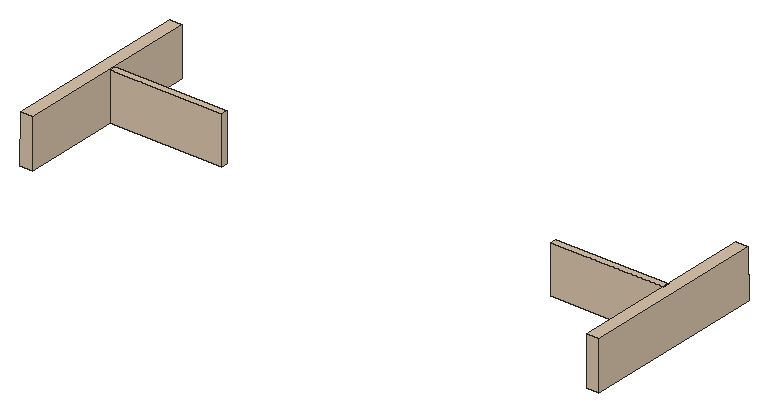
Revit family "Haworth_Masters_Modular_Shell", category Furniture Systems, Revit 2018
Family settings
  Round Connector Dimension = Use Diameter
  Part Type = Normal
  OmniClass Number = 23.40.70.14.64.21
  OmniClass Title = Systems Furniture
  Work Plane-Based = No
  Always vertical = Yes
  Cut with Voids When Loaded = No
  Shared = No
  Room Calculation Point = No
Parameters (values of type "Full Overlay Modesty")
  Worksurface Finish = Haworth _ Wood _ White Oak
  Work Surface = no
  Warranty = "http://www.haworth.com/resources/product-info/warranties"
  URL - Product = "http://www.haworth.com/products/desks/freestanding/masters-series"
  Two High = no
  T-Support Right = yes
  T-Support Left = yes
  T-Support Intermediate = no
  T-Support End Placement = Actual Depth / 2  # 12"
  Sustainability Info = "http://www.haworth.com/company-info/sustainablility"
  Support Height = if(One High, 16 7/16", if(One And A Half High, 21 7/8", 0"))  # 21 7/8"
  Standard Depths = "19,24,30 in."  # constant formula
  Partial Depth Panel = no
  One High Limit = or(Modesty Single, Modesty Double)  # no
  One High = not(or(Two High, One And A Half High, One High Limit))  # no
  One And A Half High = yes
  Modesty Single = no
  Modesty Double = no
  Model = "Haworth - Masters - Modular Shell"  # constant formula
  Width = 72"
  URL = "www.haworth.com"
  Size = "Verify Final Dim. w/ Haworth"  # constant formula
  Revision Number = "2"  # constant formula
  Min. Width = 30"  # constant formula
  Max. Width = 120"  # constant formula
  Min. Depth = 19"  # constant formula
  Max. Depth = 36"  # constant formula
  Manufacturer = "Haworth"  # constant formula
  L-Support Right = no
  L-Support Left = no
  End Panel Right = yes
  End Panel Left = yes
  End Panel Depth = if(Partial Depth Panel, 10 1/8", (Actual Depth - 3/4"))  # 23 1/4"
  Edge Finish = Haworth _ Wood _ White Oak
  Description = "Haworth - Masters - Modular Shell"  # constant formula
  Depth = 24"
  Custom Size = not(and(or(Width = 30", Width = 36", Width = 42", Width = 48", Width = 54", Width = 60", Width = 66", Width = 72", Width = 78", Width = 84", Width = 90", Width = 96", Width = 102", Width = 108", Width = 114", Width = 120"), and(or(Depth = 19", Depth = 24", Depth = 30"))))  # no
  Cabinet Finish = Haworth _ Wood _ White Oak
  Author = "Haworth (Hampton)"  # constant formula
  Assembly Code = "E2020200"
  Actual Width = if(Width < Min. Width, Min. Width, if(Width > Max. Width, Max. Width, Width))  # 72"
  Actual Height = 29 1/8"  # constant formula
  Actual Depth = if(Depth < Min. Depth, Min. Depth, if(Depth > Max. Depth, Max. Depth, Depth))  # 24"
  Standard Widths = "30,36,42,48,54,60,66,72,78,84,90,96,102,108,114,120 in."  # constant formula
Types (5): name | Work Surface | Two High | T-Support Right | T-Support Left | T-Support Intermediate | One High Limit | Modesty Double | L-Support Right | L-Support Left | End Panel Right | End Panel Left
  Surface Only | yes | yes | no | no | no | no | no | no | no | no | no
  Full Overlay Modesty | no | no | yes | yes | no | no | no | no | no | yes | yes
  Hinged Modesty | yes | yes | no | no | yes | yes | yes | yes | yes | yes | yes
  T-Support | yes | yes | yes | yes | no | no | no | no | no | yes | yes
  L-Support | yes | yes | no | no | no | no | no | yes | yes | yes | yes
Reference planes (in)
  plane 1 "Back": y = -10
  plane 2: z = 0
  plane 3 "Center": x = 29.0625
  plane 4 "Top": z = 29.125
  plane 5 "Bottom of Top": z = 27.875
  plane 6 "Front": y = -34
  plane 7 "Left Side": x = -6.9375
  plane 8 "Right Side": x = 65.0625
  plane 9 "Top of Modesty Panel": z = 25.375
  plane 10: y = -10.75
  plane 11 "End Panel Front": y = -34
  plane 12 "L-Support Right Out": x = 63.53125
  plane 13 "L-Support Right In": x = 49.53125
  plane 14 "L-Support Back": y = -12.5
  plane 15 "L-Support Front": y = -13.25
  plane 16: x = 63.53125
  plane 17 "One High Bottom": z = 21.875
  plane 18: y = -22
  plane 19 "L-Support Left In": x = 8.59375
  plane 20: x = -5.40625
  plane 21: x = 24.0625
  plane 22: x = 34.0625
  plane 23: x = 5.59375
  plane 24: x = 27.0625
  plane 25: x = 31.0625
  plane 26: x = 52.53125
  plane 27 "Bottom Of Hinged Modesty": z = 2
  plane 28: x = 28.6875
  plane 29: x = 29.4375
  plane 30: y = -22.25
  plane 31: y = -21.25
  plane 32: y = -14
Forms (in)
  Extrusion 1, solid, material "Haworth _ Wood _ White Oak" <- "Worksurface Finish", visible <- "Work Surface"
    sketch origin (0, 0, 29.125) x (0, 1, 0) y (-1, 0, 0)
      loop
        line (-34, 6.9375) -> (-34, -65.0625) -> (-10, -65.0625) -> (-10, 6.9375) -> (-34, 6.9375)
    from 0 to -1.25
  Extrusion 2, solid, material "Haworth _ Wood _ White Oak" <- "Cabinet Finish", visible <- "Modesty Single"
    sketch origin (0, 0, 0) x (1, 0, 0) y (0, 1, 0)
      loop
        line (-6.9375, -10) -> (-6.9375, -10.75) -> (65.0625, -10.75) -> (65.0625, -10) -> (-6.9375, -10)
    from 0 to 27.875
  Extrusion 3, solid, material "Haworth _ Wood _ White Oak" <- "Cabinet Finish", visible <- "L-Support Right"
    sketch origin (0, 0, 0) x (1, 0, 0) y (0, 1, 0)
      loop
        line (49.53125, -12.5) -> (49.53125, -13.25) -> (63.53125, -13.25) -> (63.53125, -12.5) -> (49.53125, -12.5)
    from 21.875 to 27.875
  Extrusion 4, solid, material "Haworth _ Wood _ White Oak" <- "Cabinet Finish", visible <- "End Panel Right"
    sketch origin (71.0625, 20.31207, 48) x (0, 1, 0) y (0, 0, 1)
      loop
        line (-31.06207, -20.125) -> (-54.31207, -20.125) -> (-54.31207, -26.125) -> (-31.06207, -26.125) -> (-31.06207, -20.125)
    from -7.53125 to -6
  Extrusion 5, solid, material "Haworth _ Wood _ White Oak" <- "Cabinet Finish", visible <- "T-Support Right"
    sketch origin (0, -11.75, 0) x (1, 0, 0) y (0, 1, 0)
      loop
        line (49.53125, -9.5) -> (49.53125, -10.25) -> (63.53125, -10.25) -> (63.53125, -9.5) -> (49.53125, -9.5)
    from 21.875 to 27.875
  Extrusion 6, solid, material "Haworth _ Wood _ White Oak" <- "Cabinet Finish", visible <- "L-Support Left"
    sketch origin (58.125, 0, 0) x (-1, 0, 0) y (0, -1, 0)
      loop
        line (49.53125, 12.5) -> (63.53125, 12.5) -> (63.53125, 13.25) -> (49.53125, 13.25) -> (49.53125, 12.5)
    from 21.875 to 27.875
  Extrusion 7, solid, material "Haworth _ Wood _ White Oak" <- "Cabinet Finish", visible <- "End Panel Left"
    sketch origin (-12.9375, 20.31207, 48) x (0, 1, 0) y (0, 0, -1)
      loop
        line (-31.06207, 20.125) -> (-31.06207, 26.125) -> (-54.31207, 26.125) -> (-54.31207, 20.125) -> (-31.06207, 20.125)
    from -7.53125 to -6
  Extrusion 8, solid, material "Haworth _ Wood _ White Oak" <- "Cabinet Finish", visible <- "T-Support Left"
    sketch origin (58.125, -11.75, 0) x (-1, 0, 0) y (0, -1, 0)
      loop
        line (49.53125, 9.5) -> (63.53125, 9.5) -> (63.53125, 10.25) -> (49.53125, 10.25) -> (49.53125, 9.5)
    from 21.875 to 27.875
  Extrusion 9, solid, material "Haworth _ Wood _ White Oak" <- "Cabinet Finish", visible <- "T-Support Intermediate"
    sketch origin (0, 0, 0) x (1, 0, 0) y (0, 1, 0)
      loop
        line (24.0625, -12.5) -> (24.0625, -13.25) -> (34.0625, -13.25) -> (34.0625, -12.5) -> (24.0625, -12.5)
    from 0 to 27.875
  Extrusion 10, solid, material "Haworth _ Wood _ White Oak" <- "Cabinet Finish", visible <- "Modesty Double"
    sketch origin (0, -13.25, 0) x (1, 0, 0) y (0, 0, 1)
      loop
        line (5.59222, 25.375) -> (5.59222, 2) -> (27.0625, 2) -> (27.0625, 25.375) -> (5.59222, 25.375)
    from 0 to 0.75
  Extrusion 11, solid, material "Haworth _ Wood _ White Oak" <- "Cabinet Finish", visible <- "Modesty Double"
    sketch origin (58.125, -13.25, 0) x (-1, 0, 0) y (0, 0, -1)
      loop
        line (5.59375, -25.375) -> (27.0625, -25.375) -> (27.0625, -2) -> (5.59375, -2) -> (5.59375, -25.375)
    from 0 to 0.75
  Extrusion 12, solid, material "Haworth _ Wood _ White Oak" <- "Cabinet Finish", visible <- "T-Support Intermediate"
    sketch origin (0, 0, 0) x (1, 0, 0) y (0, 1, 0)
      loop
        line (28.6875, -13.25) -> (28.6875, -22.25) -> (29.4375, -22.25) -> (29.4375, -13.25) -> (28.6875, -13.25)
    from 0 to 27.875
Lines and regions (in)
  Masking region 1, visible <- "Work Surface"
    outline origin (0, 0, 27.875) x (0, 1, 0) y (-1, 0, 0)
      loop
        line (-10, -65.0625) -> (-10, 6.9375) -> (-34, 6.9375) -> (-34, -65.0625) -> (-10, -65.0625)
  symbolic lines, style "Haworth Hidden", visible <- "End Panel Right", detail levels fine
    curve 1: line (63.53125, -34, 0) -> (63.53125, -10.75, 0)
  symbolic lines, style "Haworth Hidden", visible <- "L-Support Right", detail levels fine
    curve 2: line (49.53125, -12.5, 0) -> (63.53125, -12.5, 0)
    curve 3: line (49.53125, -13.25, 0) -> (49.53125, -12.5, 0)
    curve 4: line (63.53125, -13.25, 0) -> (49.53125, -13.25, 0)
    curve 5: line (63.53125, -12.5, 0) -> (63.53125, -13.25, 0)
  symbolic lines, style "Haworth Hidden", visible <- "Modesty Single", detail levels fine
    curve 6: line (-6.9375, -10.75, 0) -> (65.0625, -10.75, 0)
  symbolic lines, style "Haworth Hidden", visible <- "T-Support Right", detail levels fine
    curve 7: line (49.53125, -21.25, 0) -> (63.53125, -21.25, 0)
    curve 8: line (49.53125, -22, 0) -> (49.53125, -21.25, 0)
    curve 9: line (63.53125, -22, 0) -> (49.53125, -22, 0)
    curve 10: line (63.53125, -21.25, 0) -> (63.53125, -22, 0)
  symbolic lines, style "Haworth Hidden", visible <- "End Panel Left", detail levels fine
    curve 11: line (-5.40625, -34, 0) -> (-5.40625, -10.75, 0)
  symbolic lines, style "Haworth Hidden", visible <- "L-Support Left", detail levels fine
    curve 12: line (8.59375, -12.5, 0) -> (-5.40625, -12.5, 0)
    curve 13: line (8.59375, -13.25, 0) -> (8.59375, -12.5, 0)
    curve 14: line (-5.40625, -13.25, 0) -> (8.59375, -13.25, 0)
    curve 15: line (-5.40625, -12.5, 0) -> (-5.40625, -13.25, 0)
  symbolic lines, style "Haworth Hidden", visible <- "T-Support Left", detail levels fine
    curve 16: line (8.59375, -21.25, 0) -> (-5.40625, -21.25, 0)
    curve 17: line (8.59375, -22, 0) -> (8.59375, -21.25, 0)
    curve 18: line (-5.40625, -22, 0) -> (8.59375, -22, 0)
    curve 19: line (-5.40625, -21.25, 0) -> (-5.40625, -22, 0)
  symbolic lines, style "Haworth Hidden", visible <- "T-Support Intermediate", detail levels fine
    curve 20: line (24.0625, -12.5, 0) -> (36.51323, -12.5, 0)
    curve 21: line (24.0625, -13.25, 0) -> (24.0625, -12.5, 0)
    curve 22: line (36.51323, -13.25, 0) -> (24.0625, -13.25, 0)
    curve 23: line (36.51323, -12.5, 0) -> (36.51323, -13.25, 0)
    curve 32: line (28.6875, -13.25, 0) -> (29.4375, -13.25, 0)
    curve 33: line (28.6875, -25.5, 0) -> (28.6875, -13.25, 0)
    curve 34: line (29.4375, -25.5, 0) -> (28.6875, -25.5, 0)
    curve 35: line (29.4375, -13.25, 0) -> (29.4375, -25.5, 0)
  symbolic lines, style "Haworth Hidden", visible <- "Modesty Double", detail levels fine
    curve 24: line (5.59222, -13.25, 0) -> (27.0625, -13.25, 0)
    curve 25: line (5.59222, -14, 0) -> (5.59222, -13.25, 0)
    curve 26: line (27.0625, -14, 0) -> (5.59222, -14, 0)
    curve 27: line (27.0625, -13.25, 0) -> (27.0625, -14, 0)
    curve 28: line (52.53278, -13.25, 0) -> (31.0625, -13.25, 0)
    curve 29: line (52.53278, -14, 0) -> (52.53278, -13.25, 0)
    curve 30: line (31.0625, -14, 0) -> (52.53278, -14, 0)
    curve 31: line (31.0625, -13.25, 0) -> (31.0625, -14, 0)
Dimensions and locks (in)
  "Actual Height": plane 4 "Top" to level
  "Actual Depth": plane 1 "Back" to plane 6 "Front"
  equal spacing: plane 7 "Left Side", plane 3 "Center", plane 8 "Right Side"
  "Actual Width": plane 7 "Left Side" to plane 8 "Right Side"
  locked: plane 4 "Top" to plane 5 "Bottom of Top" at 1.25
  locked: plane 9 "Top of Modesty Panel" to plane 5 "Bottom of Top" at 2.5
  plane 10 to plane 1 "Back" = 3/4"
  "End Panel Depth": plane 11 "End Panel Front" to plane 10
  plane 13 "L-Support Right In" to plane 12 "L-Support Right Out" = 14"
  locked: plane 15 "L-Support Front" to plane 1 "Back" at 3.25
  "Support Height": plane 17 "One High Bottom" to level
  locked: plane 8 "Right Side" to plane 16 at 1.53125
  locked: plane 16 to plane 13 "L-Support Right In" at 14
  "T-Support End Placement": plane 18 to plane 6 "Front"
  locked: plane 7 "Left Side" to plane 20 at 1.53125
  locked: plane 20 to plane 19 "L-Support Left In" at 14
  equal spacing: plane 22, plane 3 "Center", plane 21, locked at 5 each
  locked: plane 24 to plane 21 at 3
  locked: plane 23 to plane 19 "L-Support Left In" at 3
  locked: plane 25 to plane 22 at 3
  locked: plane 26 to plane 13 "L-Support Right In" at 3
  plane 27 "Bottom Of Hinged Modesty" to plane 2 = 2"
  locked: Extrusion 10 to plane 23 at 0.00153
  plane 28 to plane 29 = 3/4"
  locked: plane 15 "L-Support Front" to plane 30 at 9
  aligned and locked: level to plane 2
  aligned and locked: Extrusion 1 sketch curve to plane 6 "Front"
  aligned and locked: Extrusion 1 sketch curve to plane 8 "Right Side"
  aligned and locked: Extrusion 1 to plane 5 "Bottom of Top"
  aligned: Extrusion 2 to plane 9 "Top of Modesty Panel"
  aligned and locked: Extrusion 2 to plane 5 "Bottom of Top"
  aligned and locked: Extrusion 2 to plane 2
  aligned and locked: plane 7 "Left Side" to Extrusion 2 sketch curve
  aligned and locked: plane 1 "Back" to Extrusion 1 sketch curve
  aligned and locked: plane 5 "Bottom of Top" to Extrusion 3
  aligned and locked: Extrusion 3 to plane 14 "L-Support Back"
  aligned and locked: plane 15 "L-Support Front" to Extrusion 3
  aligned and locked: plane 16 to curve 1
  aligned and locked: Extrusion 3 to plane 13 "L-Support Right In"
  aligned and locked: Extrusion 4 to plane 16
  aligned and locked: plane 8 "Right Side" to Extrusion 4
  aligned and locked: plane 12 "L-Support Right Out" to Extrusion 3
  aligned and locked: Extrusion 3 to plane 17 "One High Bottom"
  aligned and locked: Extrusion 3 to Extrusion 4
  aligned and locked: Extrusion 4 to plane 11 "End Panel Front"
  aligned and locked: Extrusion 5 to Extrusion 3
  aligned and locked: Extrusion 6 to Extrusion 7
  aligned and locked: Extrusion 8 to Extrusion 6
  aligned and locked: curve 11 to plane 20
  aligned and locked: Extrusion 8 to plane 17 "One High Bottom"
  aligned and locked: Extrusion 6 to Extrusion 3
  aligned and locked: Extrusion 7 to plane 11 "End Panel Front"
  aligned and locked: Extrusion 7 to plane 7 "Left Side"
  aligned and locked: Extrusion 7 to plane 20
  aligned and locked: plane 21 to Extrusion 9 sketch curve
  aligned and locked: plane 14 "L-Support Back" to Extrusion 9 sketch curve
  aligned and locked: plane 15 "L-Support Front" to Extrusion 9 sketch curve
  aligned and locked: plane 22 to Extrusion 9 sketch curve
  aligned and locked: plane 5 "Bottom of Top" to Extrusion 9
  aligned and locked: Extrusion 9 to curve 23
  aligned and locked: plane 24 to Extrusion 10
  aligned and locked: Extrusion 10 to plane 27 "Bottom Of Hinged Modesty"
  aligned and locked: plane 9 "Top of Modesty Panel" to Extrusion 10
  aligned and locked: curve 24 to Extrusion 10
  aligned and locked: curve 14 to curve 24
  aligned and locked: curve 27 to Extrusion 10  (x2)
  aligned and locked: plane 28 to Extrusion 12 sketch curve
  aligned and locked: plane 15 "L-Support Front" to Extrusion 12 sketch curve
  aligned and locked: plane 30 to Extrusion 12 sketch curve
  aligned and locked: plane 29 to Extrusion 12 sketch curve
  aligned and locked: plane 5 "Bottom of Top" to Extrusion 12
  aligned and locked: curve 32 to curve 22
  aligned and locked: curve 35 to Extrusion 12
  aligned and locked: plane 5 "Bottom of Top" to Extrusion 7
  aligned and locked: Extrusion 1 to Extrusion 7
  aligned and locked: Extrusion 7 to plane 17 "One High Bottom"
  aligned and locked: Extrusion 7 to Extrusion 2
  aligned and locked: Extrusion 1 to plane 4 "Top"
  aligned and locked: Extrusion 8 to plane 19 "L-Support Left In"
  aligned and locked: Extrusion 7 to Extrusion 8
  aligned and locked: plane 20 to Extrusion 8
  aligned and locked: plane 5 "Bottom of Top" to Extrusion 8
  aligned and locked: Extrusion 6 to plane 19 "L-Support Left In"
  aligned and locked: plane 20 to Extrusion 6
  aligned and locked: plane 5 "Bottom of Top" to Extrusion 6
  aligned and locked: plane 15 "L-Support Front" to Extrusion 6
  aligned and locked: Extrusion 6 to plane 14 "L-Support Back"
  aligned and locked: Extrusion 8 to plane 18
  aligned and locked: plane 31 to Extrusion 8
  aligned and locked: Extrusion 10 to plane 32
  aligned and locked: Extrusion 10 to plane 15 "L-Support Front"
  aligned and locked: Extrusion 12 to plane 2
  aligned and locked: Extrusion 9 to plane 2
  aligned and locked: plane 8 "Right Side" to Extrusion 2
  aligned and locked: Extrusion 2 to plane 1 "Back"
  aligned and locked: plane 9 "Top of Modesty Panel" to Extrusion 11
  aligned and locked: plane 26 to Extrusion 11
  aligned and locked: plane 25 to Extrusion 11
  aligned and locked: Extrusion 11 to plane 27 "Bottom Of Hinged Modesty"
  aligned and locked: Extrusion 11 to plane 32
  aligned and locked: Extrusion 11 to plane 15 "L-Support Front"
  aligned and locked: plane 5 "Bottom of Top" to Extrusion 5
  aligned and locked: Extrusion 5 to plane 13 "L-Support Right In"
  aligned and locked: Extrusion 5 to plane 17 "One High Bottom"
  aligned and locked: plane 12 "L-Support Right Out" to Extrusion 5
  aligned and locked: Extrusion 3 to Extrusion 1
  aligned and locked: plane 16 to Extrusion 3
  aligned and locked: plane 31 to Extrusion 5
  aligned and locked: Extrusion 5 to plane 18
  aligned and locked: Extrusion 4 to plane 10
  aligned and locked: Extrusion 4 to plane 5 "Bottom of Top"
  aligned and locked: Masking region 1 to plane 6 "Front"
Automatic sketch dimensions
  Extrusion 1 sketch curve to plane 7 "Left Side" = 0"
  plane 8 "Right Side" to Extrusion 2 sketch curve = 0"
  plane 10 to Extrusion 2 sketch curve = 0"
  Extrusion 2 sketch curve to plane 1 "Back" = 0"
  Extrusion 3 sketch curve to plane 13 "L-Support Right In" = 0"
  plane 12 "L-Support Right Out" to Extrusion 3 sketch curve = 0"
  plane 15 "L-Support Front" to Extrusion 3 sketch curve = 0"
  Extrusion 3 sketch curve to plane 14 "L-Support Back" = 0"
  plane 5 "Bottom of Top" to Extrusion 4 sketch curve = 0"
  Extrusion 4 sketch curve to plane 11 "End Panel Front" = 0"
  Extrusion 4 sketch curve to plane 17 "One High Bottom" = 0"
  Extrusion 5 sketch curve to plane 13 "L-Support Right In" = 0"
  plane 12 "L-Support Right Out" to Extrusion 5 sketch curve = 0"
  Extrusion 5 sketch curve to plane 18 = 0"
  Extrusion 5 sketch curve to Extrusion 5 sketch curve = 3/4"
  Extrusion 6 sketch curve to plane 15 "L-Support Front" = 0"
  Extrusion 6 sketch curve to plane 19 "L-Support Left In" = 0"
  Extrusion 6 sketch curve to plane 20 = 0"
  plane 14 "L-Support Back" to Extrusion 6 sketch curve = 0"
  plane 5 "Bottom of Top" to Extrusion 7 sketch curve = 0"
  Extrusion 7 sketch curve to plane 11 "End Panel Front" = 0"
  Extrusion 7 sketch curve to plane 10 = 0"
  Extrusion 7 sketch curve to plane 17 "One High Bottom" = 0"
  plane 18 to Extrusion 8 sketch curve = 0"
  Extrusion 8 sketch curve to plane 19 "L-Support Left In" = 0"
  Extrusion 8 sketch curve to plane 20 = 0"
  Extrusion 8 sketch curve to plane 18 = 3/4"
  Extrusion 10 sketch curve to plane 27 "Bottom Of Hinged Modesty" = 0"
  plane 9 "Top of Modesty Panel" to Extrusion 10 sketch curve = 0"
  plane 24 to Extrusion 10 sketch curve = 0"
  plane 23 to Extrusion 10 sketch curve = 0.00153"
  Extrusion 11 sketch curve to plane 27 "Bottom Of Hinged Modesty" = 0"
  plane 9 "Top of Modesty Panel" to Extrusion 11 sketch curve = 0"
  plane 25 to Extrusion 11 sketch curve = 0"
  plane 26 to Extrusion 11 sketch curve = 0"
  curve 6 to plane 7 "Left Side" = 0"
  curve 19 to plane 20 = 0"
  plane 14 "L-Support Back" to curve 12 = 0"
  curve 12 to plane 20 = 0"
  curve 16 to plane 19 "L-Support Left In" = 0"
  plane 15 "L-Support Front" to curve 13 = 0"
  curve 13 to plane 19 "L-Support Left In" = 0"
  plane 15 "L-Support Front" to curve 28 = 0"
  curve 28 to plane 25 = 0"
  curve 8 to plane 13 "L-Support Right In" = 0"
  curve 3 to plane 13 "L-Support Right In" = 0"
  curve 5 to plane 12 "L-Support Right Out" = 0"
  curve 7 to plane 12 "L-Support Right Out" = 0"
  curve 6 to plane 8 "Right Side" = 0"
  curve 11 to plane 6 "Front" = 0"
  plane 6 "Front" to curve 1 = 0"
  curve 18 to plane 18 = 0"
  curve 10 to plane 18 = 0"
  plane 15 "L-Support Front" to curve 4 = 0"
  plane 15 "L-Support Front" to curve 21 = 0"
  plane 14 "L-Support Back" to curve 5 = 0"
  plane 10 to curve 1 = 0"
  plane 26 to curve 29 = 0.00153"
  plane 18 to curve 16 = 3/4"
  plane 18 to curve 7 = 3/4"
  curve 29 to curve 28 = 3/4"
  curve 35 to plane 29 = 0"
  Masking region 1 sketch curve to plane 8 "Right Side" = 0"
  Masking region 1 sketch curve to plane 7 "Left Side" = 0"
  plane 1 "Back" to Masking region 1 sketch curve = 0"
  Masking region 1 sketch curve to plane 6 "Front" = 0"
  curve 32 to plane 28 = 0"
  curve 33 to plane 30 = 3 1/4"
  curve 22 to plane 21 = 0"
  plane 14 "L-Support Back" to curve 23 = 0"
  curve 22 to plane 22 = 2.45073"
  Extrusion 4 sketch curve to plane 10 = 0"
